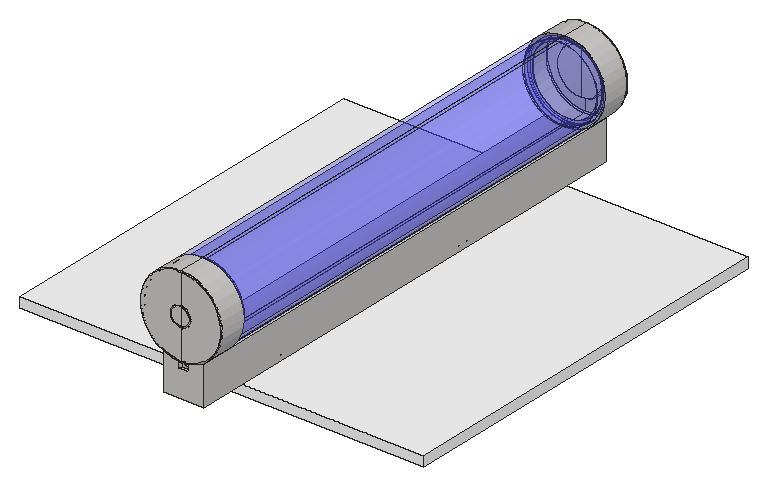
Revit family "BE_50067.2_de_DE", category Leuchten, Revit 2015
Parameters (values of type "BEGA_50067.2_K4")
  built-in parameter 1150104 = 13.22 (stored number, unit not read)
  Wattage = 15.6 W
  Default Elevation = 0 mm
  built-in parameter 1150113 = 1 (stored number, unit not read)
  built-in parameter 1114218 = 1 (stored number, unit not read)
  Umgebungstemperatur = ""
  URL = "http://www.bega.de/produkt/50067.2"
  Typenkommentare = "© 2017 BEGA. Wir behalten uns das Recht vor, technische Änderungen ohne vorherige Ankündigung vorzunehmen."  # constant formula
  built-in parameter 1150134 = 12
  built-in parameter 1150109 = 1 (stored number, unit not read)
  Strom = ""
  built-in parameter 1150110 = 1 (stored number, unit not read)
  Spannung = 239.996 V
  Sonderanfertigung = no
  Seriennummer [instance] = "Hier können Sie die eindeutige Seriennummer für das Facility Management eintragen."
  Schutzklasse = "I"
  Schutzart = "IP 65"
  Scheinlast = 0 VA
  Produktdatenblatt = "http://www.bega.de/download/Xrfa/db/50067.2.db.de.pdf"
  Oberflächentemperatur = ""
  Neigungswinkel = 0.00°
  Modell = "50067.2K4"
  Material_17 = BEGA_Reflektor
  Material_15 = BEGA_Leuchtmedium_matt
  Material_11 = BEGA_Glas_opal
  Material_09 = BEGA_Glas_klar
  Material_06 = BEGA_Oberfläche_Edelstahl_gebürstet
  Material_05 = BEGA_Oberfläche_Aluminium Guss
  Material_03 = BEGA_Oberfläche_Weiss_matt
  Material_02 = BEGA_Oberfläche_Silber_matt
  Material_01 [instance] = BEGA_Oberfläche_Grafit_matt
  M_W = no
  M_G = no
  M_A = no
  Logo = 0
  built-in parameter 1114217 = 1 (stored number, unit not read)
  built-in parameter 1150139 = (empty or 0)
  built-in parameter 1150105 = 176.65 (stored number, unit not read)
  built-in parameter 1150114 = 1 (stored number, unit not read)
  Lumens = 2219.88 lm
  built-in parameter 1150115 = 1 (stored number, unit not read)
  Leuchtenlichtstrom = "1337 lm"
  Leuchtenanzahl = ""
  Lebensdauerkriterien = "L70B50 @ 25 °C = 167000 h"
  Lastklassifizierung = Beleuchtung
  built-in parameter 1150112 = 1 (stored number, unit not read)
  Lampenlichtstrom = "2220 lm"
  Lampe = "LED 15.6 W"
  LED_Modulbezeichnung = "4x LED-0626/940 "
  Hersteller = "BEGA"  # constant formula
  Halbstreuwinkel = ""
  Gewicht = "2.6 kg"
  Gebrauchslageneinschränkung [instance] = ""
  Frequenz = "0/50-60 Hz"
  Farbwiedergabeindex = "Ra > 90"
  Farbtemperaturverschiebung bei Dämpfen der Lampe = <Keine Auswahl>
  Farbtemperatur = "4000 K"
  Color Filter = 16777215
  built-in parameter 1150133 = 10 (stored number, unit not read)
  Energieeffizienzklasse = "LED A++ - A"
  built-in parameter 1150137 = (empty or 0)
  built-in parameter 1150132 = (empty or 0)
  ENEC = "ja"
  Dimmbar [instance] = "DALI"
  Datei für fotometrisches Netz = "BE_50067K4.IES"
  CE_Konformität = "ja"
  Bestellnummer = "50067.2K4"
  Beschreibung_Sonderanfertigung = "Hier können Sie Informationen zur Sonderanfertigung eintragen."
  Beschreibung = "Wandleuchte"
  built-in parameter 1150106 = 1.7665 (stored number, unit not read)
  Befestigungsbohrung = "Ø 6 mm"
  Befestigungsabstand = "230 mm"
  Ballwurfsicher = ""
  BEGA_Intern_aus = yes
  BEGA_Intern_an = yes
  BEGA_Intern_Konstruktion = yes
  BEGA_Intern = yes
  BEGA_IES = yes
  BEGA_Dummy = no
  Anschlussleitung = ""
  Anschlussleistung [instance] = "19.5 W"
  Anschlusskasten = ""
  built-in parameter 1150107 = 4000 (stored number, unit not read)
  built-in parameter 1150102 = (empty or 0)
  built-in parameter 1150138 = (empty or 0)
  Aktualisierung = "2017-09-29T04:10:01"
  Abstand_zur_angestrahlten_Fläche [instance] = ""
  AC/DC = "AC/DC"
Types (2, lengths in mm): name | built-in parameter 1150104 | built-in parameter 1150134 | Modell | built-in parameter 1150105 | Lumens | Leuchtenlichtstrom | Lampenlichtstrom | LED_Modulbezeichnung | Farbtemperatur | Datei für fotometrisches Netz | Bestellnummer | built-in parameter 1150106 | built-in parameter 1150107
  BEGA_50067.2_K3 | 12.867 (stored number, unit not read) | (empty or 0) | "50067.2" | 171.94 (stored number, unit not read) | 2160.6 lm | "1301 lm" | "2160 lm" | "4x LED-0626/930 " | "3000 K" | "BE_50067.IES" | "50067.2" | 1.7194 (stored number, unit not read) | 3000 (stored number, unit not read)
  BEGA_50067.2_K4 | 13.22 (stored number, unit not read) | 12 | "50067.2K4" | 176.65 (stored number, unit not read) | 2219.88 lm | "1337 lm" | "2220 lm" | "4x LED-0626/940 " | "4000 K" | "BE_50067K4.IES" | "50067.2K4" | 1.7665 (stored number, unit not read) | 4000 (stored number, unit not read)
Reference planes
  plane 1 "Mitte (Vorne/Hinten)": y = 0
  plane 2: z = 0
  plane 3 "Mitte (Links/Rechts)": x = 0
  plane 4 "Links": x = -40.25
  plane 5 "Rechts": x = 40.25
  plane 6 "Unten": y = -251.008
  plane 7 "Oben": y = 251.008
  plane 8 "Vorne": z = 115.51
  plane 9 "Hinten": z = 0
Forms (mm)
  Extrusion 1, solid, material "BEGA_Platte_Weiss"
    sketch origin (0, -1119.2, 0) x (1, 0, 0) y (0, 1, 0)
      loop
        line (-200, 1319.2) -> (-200, 919.2) -> (200, 919.2) -> (200, 1319.2) -> (-200, 1319.2)
    from 0 to -10
  Extrusion 2, solid, material "BEGA_Dummy_matt", visible <- "BEGA_Dummy"
    sketch origin (80.095, -76.023, 0) x (1, 0, 0) y (0, 1, 0)
      loop
        line (-120.345, 327.031) -> (-120.345, -174.985) -> (-39.845, -174.985) -> (-39.845, 327.031) -> (-120.345, 327.031)
    from 0 to 115.51
Dimensions and locks
  plane 1 "Mitte (Vorne/Hinten)" to Extrusion 1 = 200 mm
  aligned and locked: plane 2 to Extrusion 1
  aligned and locked: level to Extrusion 1
Nested families
  nested 1: "BE_50067.2" at (0, 0, 0) x (0, 1, 0) z (0, 0, 1), type "BE_50067.2"
Connectors
  electrical at (0, 0, 0), driven by "Lastklassifizierung", driven by "Spannung", driven by "Scheinlast"
    settings: index 1, voltage 239.996 V, apparent load 0 VA, apparent load phase1 0 VA, apparent load phase2 0 VA, apparent load phase3 0 VA, power factor 1, load classification "Beleuchtung", number of poles 1, system type 31, power factor state 1, is connector primary yes, connector utility no, sub classification motor no, connector description ""
Definition of nested family "BE_50067.2"
  Parameters (values of type "BE_50067.2")
    Default Elevation = 1 mm
    URL = "http://www.bega.de/de/produkt"
    Type Comments = "© 2015 BEGA. Wir behalten uns das Recht vor, technische Änderungen ohne vorherige Ankündigung vorzunehmen. "  # constant formula
    Type Image = (empty or 0)
    Neigungswinkel_um_Z2 = 0.00°
    Neigungswinkel_um_Z1 = 0.00°
    Neigungswinkel_um_Y2 = 0.00°
    Neigungswinkel_um_Y1 = 0.00°
    Neigungswinkel_um_X2 = 0.00°
    Neigungswinkel_um_X1 = 0.00°
    Material_17 = none
    Material_15 = none
    Material_11 = none
    Material_09 = none
    Material_06 = none
    Material_05 = none
    Material_03 = none
    Material_02 = none
    Material_01 = none
    M_W = yes
    M_G = yes
    M_A = yes
    Länge_Platte = 700 mm  # constant formula
    Höhe_Platte = -10 mm  # constant formula
    Manufacturer = "BEGA"  # constant formula
    Drehwinkel_um_Z2 = 0.00°
    Drehwinkel_um_Z1 = 0.00°
    Breite_Platte = 200 mm  # constant formula
  Reference planes
    plane 1 "Mitte (Oben/Unten)": y = 0
    plane 2: z = 0
    plane 3 "Mitte (Links/Rechts)": x = 0
    plane 4: x = -251.008
    plane 5: z = 115.51
    plane 6: x = 251.008
    plane 7: y = 40.25
    plane 8: y = -40.25
  Forms (mm)
    Extrusion 1, solid, detail levels medium
      sketch origin (0, 0, 0) x (1, 0, 0) y (0, 1, 0)
        loop
          line (-350, 100) -> (-350, -100) -> (350, -100) -> (350, 100) -> (-350, 100)
      from 0 to -10 <- "Höhe_Platte"
    Extrusion 2, solid, material <- "Material_06", detail levels medium+fine
      sketch origin (0, 0, 0) x (0, 1, 0) y (0, 0, 1)
        loop
          arc (18.186, 39.353) -> (0, 35.01) -> (-18.186, 39.353) r 40.25
          line (-18.186, 39.353) -> (-20, 37.539) -> (-20, 0) -> (-17.5, 0) -> (-17.5, 32) -> (17.5, 32) -> (17.5, 0) -> (20, 0) -> (20, 37.539) -> (18.186, 39.353)
      from -244.718 to 246.67
    Extrusion 3, solid, material <- "Material_06", detail levels medium+fine
      sketch origin (0, 0, 0) x (0, 1, 0) y (0, 0, 1)
        loop
          arc (18.186, 39.353) -> (0, 35.01) -> (-18.186, 39.353) r 40.25
          line (-18.186, 39.353) -> (-20, 37.539) -> (-20, 0) -> (20, 0) -> (20, 37.539) -> (18.186, 39.353)
      from 246.008 to 249.008
    Extrusion 4, solid, material <- "Material_06", detail levels medium+fine
      sketch origin (-493, 0, 0) x (0, 1, 0) y (0, 0, 1)
        loop
          arc (18.186, 39.353) -> (0, 35.01) -> (-18.186, 39.353) r 40.25
          line (-18.186, 39.353) -> (-20, 37.539) -> (-20, 0) -> (20, 0) -> (20, 37.539) -> (18.186, 39.353)
      from 246.008 to 249.008
    Extrusion 5, solid, material <- "Material_06", detail levels medium+fine
      sketch origin (0, 0, 0) x (0, 1, 0) y (0, 0, 1)
        loop
          arc (14.5, 4) -> (14.207, 3.293) -> (13.5, 3) r 1
          line (13.5, 3) -> (-13.5, 3)
          arc (-13.5, 3) -> (-14.207, 3.293) -> (-14.5, 4) r 1
          line (-14.5, 4) -> (-14.5, 32) -> (-17.5, 32) -> (-17.5, 4)
          arc (-17.5, 4) -> (-16.328, 1.172) -> (-13.5, 0) r 4
          line (-13.5, 0) -> (13.5, 0)
          arc (13.5, 0) -> (16.328, 1.172) -> (17.5, 4) r 4
          line (17.5, 4) -> (17.5, 32) -> (14.5, 32) -> (14.5, 4)
      from 51.008 to 85.008
    Extrusion 6, solid, material <- "Material_06", detail levels medium+fine
      sketch origin (-230, 0, 0) x (0, 1, 0) y (0, 0, 1)
        loop
          arc (14.5, 4) -> (14.207, 3.293) -> (13.5, 3) r 1
          line (13.5, 3) -> (-13.5, 3)
          arc (-13.5, 3) -> (-14.207, 3.293) -> (-14.5, 4) r 1
          line (-14.5, 4) -> (-14.5, 32) -> (-17.5, 32) -> (-17.5, 4)
          arc (-17.5, 4) -> (-16.328, 1.172) -> (-13.5, 0) r 4
          line (-13.5, 0) -> (13.5, 0)
          arc (13.5, 0) -> (16.328, 1.172) -> (17.5, 4) r 4
          line (17.5, 4) -> (17.5, 32) -> (14.5, 32) -> (14.5, 4)
      from 51.008 to 85.008
    Extrusion 7, void
      sketch origin (0, 0, 0) x (1, 0, 0) y (0, 1, 0)
        loop
          arc (-163.382, 3) -> (-173.492, 0) -> (-163.382, -3) r 5.5
          line (-163.382, -3) -> (-153.992, -3)
          arc (-153.992, -3) -> (-150.992, 0) -> (-153.992, 3) r 3
          line (-153.992, 3) -> (-163.382, 3)
        loop
          arc (66.618, 3) -> (56.508, 0) -> (66.618, -3) r 5.5
          line (66.618, -3) -> (76.008, -3)
          arc (76.008, -3) -> (79.008, 0) -> (76.008, 3) r 3
          line (76.008, 3) -> (66.618, 3)
      from 0 to 9
    Revolve 8, void
      sketch origin (0, 0, 0) x (1, 0, 0) y (0, 0, 1)
        loop
          line (237.98, 30.562) -> (244.412, 30.562) -> (244.412, 37.872) -> (237.98, 37.872) -> (237.98, 30.562)
        axis (237.98, 30.562) -> (237.98, 37.872)
      angle from 0 to 360
    Revolve 9, solid, material <- "Material_06", detail levels medium+fine
      sketch origin (0, 0, 0) x (1, 0, 0) y (0, 0, 1)
        loop
          line (-251.008, 115.01) -> (-251.008, 75.26) -> (-243.008, 75.26) -> (-243.008, 97.652) -> (-248.508, 99.126) -> (-248.508, 112.583)
          arc (-248.508, 112.583) -> (-247.832, 113.082) -> (-247.01, 113.26) r 2
          line (-247.01, 113.26) -> (-225.142, 113.22) -> (-223.778, 115.51) -> (-250.508, 115.51)
          arc (-250.508, 115.51) -> (-250.862, 115.364) -> (-251.008, 115.01) r 0.5
        axis (-251.008, 75.26) -> (-223.778, 75.26)
      angle from 0 to 360
    Revolve 10, solid, material <- "Material_06", detail levels medium+fine
      sketch origin (0, 0, 0) x (-1, 0, 0) y (0, 0, 1)
        loop
          line (-251.008, 115.01) -> (-251.008, 75.26) -> (-243.008, 75.26) -> (-243.008, 97.652) -> (-248.508, 99.126) -> (-248.508, 112.583)
          arc (-248.508, 112.583) -> (-247.832, 113.082) -> (-247.01, 113.26) r 2
          line (-247.01, 113.26) -> (-225.142, 113.22) -> (-223.778, 115.51) -> (-250.508, 115.51)
          arc (-250.508, 115.51) -> (-250.862, 115.364) -> (-251.008, 115.01) r 0.5
        axis (-251.008, 75.26) -> (-223.778, 75.26)
      angle from 0 to 360
    Revolve 11, solid, material <- "Material_11", detail levels medium+fine
      sketch origin (0, 0, 0) x (1, 0, 0) y (0, 0, 1)
        loop
          line (223.927, 115.26) -> (-223.927, 115.26) -> (-225.267, 113.01) -> (-228.042, 113.01) -> (-228.042, 110.01) -> (-226.991, 109.749)
          arc (-226.991, 109.749) -> (-222.671, 108.644) -> (-219.339, 111.608) r 4.75
          arc (-219.339, 111.608) -> (-218.973, 112.081) -> (-218.402, 112.26) r 1
          line (-218.402, 112.26) -> (218.4, 112.26)
          arc (218.4, 112.26) -> (218.971, 112.081) -> (219.339, 111.608) r 1
          arc (219.339, 111.608) -> (222.671, 108.644) -> (226.991, 109.749) r 4.75
          line (226.991, 109.749) -> (228.042, 110.01) -> (228.042, 113.01) -> (225.267, 113.01) -> (223.927, 115.26)
        axis (228.042, 75.26) -> (-228.042, 75.26)
      angle from 0 to 360
    Revolve 12, void
      sketch origin (0, 0, 0) x (1, 0, 0) y (0, 0, 1)
        loop
          line (-248.008, 85.26) -> (-251.823, 85.26) -> (-251.823, 75.26) -> (-248.008, 75.26) -> (-248.008, 85.26)
        axis (-248.008, 75.26) -> (-251.823, 75.26)
      angle from 0 to 360
    Revolve 13, solid, material <- "Material_06", detail levels fine
      sketch origin (0, 0, 0) x (1, 0, 0) y (0, 0, 1)
        loop
          line (-250.258, 85.01) -> (-251.258, 84.01) -> (-251.258, 75.26) -> (-248.258, 75.26) -> (-248.258, 85.01) -> (-250.258, 85.01)
        axis (-248.258, 75.26) -> (-251.258, 75.26)
      angle from 0 to 360
    Extrusion 14, void
      sketch origin (0, 0, 0) x (0, 1, 0) y (0, 0, 1)
        loop
          line (5, 32) -> (2.35, 32) -> (2.35, 36.757) -> (-2.35, 36.757) -> (-2.35, 32) -> (-5, 32) -> (-5, 25.9) -> (5, 25.9) -> (5, 32)
      from -248.508 to -233.667
    Revolve 15, solid, material <- "Material_06", detail levels fine
      sketch origin (0, 0, 0) x (1, 0, 0) y (0, 0, 1)
        loop
          line (-243.258, 32) -> (-243.258, 28.504) -> (-239.008, 28.504) -> (-239.008, 41.75) -> (-241.258, 41.75) -> (-241.258, 32) -> (-243.258, 32)
        axis (-239.008, 41.75) -> (-239.008, 28.504)
      angle from 0 to 360
  Cuts and joins
    Extrusion 7, Revolve 8, Extrusion 14 cuts Extrusion 2
    Extrusion 7, Revolve 8, Extrusion 14 cuts Extrusion 3
    Extrusion 7, Revolve 8, Extrusion 14 cuts Extrusion 4
    Extrusion 7, Revolve 8, Extrusion 14 cuts Extrusion 5
    Extrusion 7, Revolve 8, Extrusion 14 cuts Extrusion 6
    joined: Extrusion 2, Extrusion 3, Extrusion 4, Extrusion 5, Extrusion 6
    Revolve 12 cuts Revolve 9
    Revolve 12 cuts Revolve 10
    joined: Revolve 9, Revolve 10
  Dimensions and locks
    equal spacing: Extrusion 1 sketch curve, plane 3 "Mitte (Links/Rechts)", Extrusion 1 sketch curve
    equal spacing: Extrusion 1 sketch curve, plane 1 "Mitte (Oben/Unten)", Extrusion 1 sketch curve
    "Länge_Platte": Extrusion 1 sketch curve to Extrusion 1 sketch curve
    "Breite_Platte": Extrusion 1 sketch curve to Extrusion 1 sketch curve
    aligned and locked: Extrusion 1 to plane 2
    aligned and locked: level to Extrusion 1
  Automatic sketch dimensions
    Extrusion 2 sketch curve to level = 0 mm  (x2)
    Extrusion 2 sketch curve to plane 1 "Mitte (Oben/Unten)" = 0 mm
    plane 1 "Mitte (Oben/Unten)" to Extrusion 2 sketch curve = 17.5 mm
    Extrusion 2 sketch curve to Extrusion 2 sketch curve = 0.686 mm  (x2)
    Extrusion 2 sketch curve to Extrusion 2 sketch curve = 1.814 mm  (x3)
    Extrusion 2 sketch curve to plane 1 "Mitte (Oben/Unten)" = 17.5 mm
    Extrusion 2 sketch curve to Extrusion 2 sketch curve = 32 mm
    Extrusion 2 sketch curve to Extrusion 2 sketch curve = 5.539 mm  (x2)
    Extrusion 2 sketch curve to Extrusion 2 sketch curve = 35.907 mm
    Extrusion 3 sketch curve to level = 0 mm
    Extrusion 3 sketch curve to plane 1 "Mitte (Oben/Unten)" = 0 mm
    plane 1 "Mitte (Oben/Unten)" to Extrusion 3 sketch curve = 18.186 mm
    plane 1 "Mitte (Oben/Unten)" to Extrusion 3 sketch curve = 20 mm
    Extrusion 3 sketch curve to plane 1 "Mitte (Oben/Unten)" = 18.186 mm
    Extrusion 3 sketch curve to Extrusion 3 sketch curve = 1.814 mm  (x2)
    Extrusion 3 sketch curve to Extrusion 3 sketch curve = 37.539 mm  (x2)
    Extrusion 3 sketch curve to Extrusion 3 sketch curve = 35.907 mm
    Extrusion 4 sketch curve to level = 0 mm
    Extrusion 4 sketch curve to plane 1 "Mitte (Oben/Unten)" = 0 mm
    plane 1 "Mitte (Oben/Unten)" to Extrusion 4 sketch curve = 18.186 mm
    plane 1 "Mitte (Oben/Unten)" to Extrusion 4 sketch curve = 20 mm
    Extrusion 4 sketch curve to plane 1 "Mitte (Oben/Unten)" = 18.186 mm
    Extrusion 4 sketch curve to Extrusion 4 sketch curve = 1.814 mm  (x2)
    level to Extrusion 4 sketch curve = 37.539 mm  (x2)
    Extrusion 4 sketch curve to Extrusion 4 sketch curve = 35.907 mm
    Extrusion 5 sketch curve to Extrusion 5 sketch curve = 0 mm  (x6)
    Extrusion 5 sketch curve to level = 0 mm
    plane 1 "Mitte (Oben/Unten)" to Extrusion 5 sketch curve = 17.5 mm
    Extrusion 5 sketch curve to Extrusion 5 sketch curve = 3 mm
    Extrusion 5 sketch curve to Extrusion 5 sketch curve = 1 mm
    level to Extrusion 5 sketch curve = 4 mm
    Extrusion 5 sketch curve to plane 1 "Mitte (Oben/Unten)" = 13.5 mm
    Extrusion 5 sketch curve to Extrusion 5 sketch curve = 28 mm  (x2)
    Extrusion 6 sketch curve to Extrusion 6 sketch curve = 0 mm  (x6)
    Extrusion 6 sketch curve to level = 0 mm
    plane 1 "Mitte (Oben/Unten)" to Extrusion 6 sketch curve = 17.5 mm
    Extrusion 6 sketch curve to Extrusion 6 sketch curve = 3 mm
    Extrusion 6 sketch curve to Extrusion 6 sketch curve = 1 mm
    level to Extrusion 6 sketch curve = 4 mm
    Extrusion 6 sketch curve to plane 1 "Mitte (Oben/Unten)" = 13.5 mm
    Extrusion 6 sketch curve to Extrusion 6 sketch curve = 28 mm  (x2)
    plane 1 "Mitte (Oben/Unten)" to Extrusion 7 sketch curve = 0 mm  (x4)
    Extrusion 7 sketch curve to plane 3 "Mitte (Links/Rechts)" = 167.992 mm
    Extrusion 7 sketch curve to Extrusion 7 sketch curve = 4.61 mm  (x2)
    plane 1 "Mitte (Oben/Unten)" to Extrusion 7 sketch curve = 3 mm
    Extrusion 7 sketch curve to Extrusion 7 sketch curve = 9.39 mm  (x2)
    plane 3 "Mitte (Links/Rechts)" to Extrusion 7 sketch curve = 62.008 mm
    Extrusion 7 sketch curve to plane 1 "Mitte (Oben/Unten)" = 3 mm
    level to Revolve 8 sketch curve = 30.562 mm
    plane 3 "Mitte (Links/Rechts)" to Revolve 8 sketch curve = 237.98 mm
    Revolve 8 sketch curve to Revolve 8 sketch curve = 6.431 mm
    Revolve 8 sketch curve to Revolve 8 sketch curve = 7.31 mm
    Revolve 8 sketch curve to Revolve 8 sketch curve = 0 mm  (x3)
    level to Revolve 9 sketch curve = 115.01 mm
    Revolve 9 sketch curve to plane 3 "Mitte (Links/Rechts)" = 251.008 mm
    Revolve 9 sketch curve to Revolve 9 sketch curve = 0.5 mm
    level to Revolve 9 sketch curve = 99.126 mm
    Revolve 9 sketch curve to Revolve 9 sketch curve = 2 mm  (x2)
    level to Revolve 9 sketch curve = 113.26 mm
    Revolve 9 sketch curve to Revolve 9 sketch curve = 1.498 mm
    Revolve 9 sketch curve to Revolve 9 sketch curve = 1.5 mm
    Revolve 9 sketch curve to Revolve 9 sketch curve = 8 mm
    Revolve 9 sketch curve to Revolve 9 sketch curve = 21.869 mm
    Revolve 9 sketch curve to Revolve 9 sketch curve = 1.364 mm
    Revolve 9 sketch curve to Revolve 9 sketch curve = 1.474 mm
    Revolve 9 sketch curve to Revolve 9 sketch curve = 22.392 mm
    Revolve 9 sketch curve to Revolve 9 sketch curve = 2.29 mm
    Revolve 9 sketch curve to Revolve 9 sketch curve = 0 mm  (x3)
    Revolve 10 sketch curve to level = 115.01 mm
    Revolve 10 sketch curve to plane 3 "Mitte (Links/Rechts)" = 251.008 mm
    Revolve 10 sketch curve to Revolve 10 sketch curve = 0.5 mm
    Revolve 10 sketch curve to level = 99.126 mm
    Revolve 10 sketch curve to Revolve 10 sketch curve = 2 mm  (x2)
    Revolve 10 sketch curve to level = 113.26 mm
    Revolve 10 sketch curve to Revolve 10 sketch curve = 1.498 mm
    Revolve 10 sketch curve to Revolve 10 sketch curve = 1.5 mm
    Revolve 10 sketch curve to Revolve 10 sketch curve = 8 mm
    Revolve 10 sketch curve to Revolve 10 sketch curve = 21.869 mm
    Revolve 10 sketch curve to Revolve 10 sketch curve = 1.364 mm
    Revolve 10 sketch curve to Revolve 10 sketch curve = 1.474 mm
    Revolve 10 sketch curve to Revolve 10 sketch curve = 22.392 mm
    Revolve 10 sketch curve to Revolve 10 sketch curve = 2.29 mm
    Revolve 10 sketch curve to Revolve 10 sketch curve = 0 mm  (x3)
    level to Revolve 11 sketch curve = 113.01 mm
    Revolve 11 sketch curve to plane 3 "Mitte (Links/Rechts)" = 228.042 mm
    level to Revolve 11 sketch curve = 109.749 mm  (x2)
    Revolve 11 sketch curve to Revolve 11 sketch curve = 1.051 mm
    Revolve 11 sketch curve to Revolve 11 sketch curve = 2.775 mm  (x2)
    Revolve 11 sketch curve to Revolve 11 sketch curve = 1.34 mm
    Revolve 11 sketch curve to Revolve 11 sketch curve = 1.475 mm  (x2)
    Revolve 11 sketch curve to Revolve 11 sketch curve = 5.39 mm
    Revolve 11 sketch curve to Revolve 11 sketch curve = 0.001 mm  (x2)
    plane 3 "Mitte (Links/Rechts)" to Revolve 11 sketch curve = 218.4 mm
    Revolve 11 sketch curve to Revolve 11 sketch curve = 5.392 mm
    Revolve 11 sketch curve to Revolve 11 sketch curve = 1.725 mm
    Revolve 11 sketch curve to Revolve 11 sketch curve = 0.261 mm  (x2)
    Revolve 11 sketch curve to Revolve 11 sketch curve = 1.75 mm
    Revolve 11 sketch curve to Revolve 11 sketch curve = 1.511 mm
    Revolve 11 sketch curve to Revolve 11 sketch curve = 1 mm
    Revolve 11 sketch curve to Revolve 11 sketch curve = 3 mm
    Revolve 11 sketch curve to Revolve 11 sketch curve = 0.25 mm  (x2)
    Revolve 11 sketch curve to Revolve 11 sketch curve = 2 mm
    Revolve 11 sketch curve to Revolve 11 sketch curve = 0.938 mm  (x2)
    Revolve 11 sketch curve to Revolve 11 sketch curve = 0 mm  (x2)
    Revolve 11 sketch curve to Revolve 11 sketch curve = 0.135 mm
    level to Revolve 12 sketch curve = 85.26 mm
    Revolve 12 sketch curve to plane 3 "Mitte (Links/Rechts)" = 251.823 mm
    Revolve 12 sketch curve to Revolve 12 sketch curve = 3.815 mm
    Revolve 12 sketch curve to Revolve 12 sketch curve = 10 mm
    Revolve 12 sketch curve to Revolve 12 sketch curve = 1.435 mm
    Revolve 12 sketch curve to Revolve 12 sketch curve = 0 mm  (x2)
    level to Revolve 13 sketch curve = 75.26 mm
    Revolve 13 sketch curve to plane 3 "Mitte (Links/Rechts)" = 251.258 mm
    Revolve 13 sketch curve to Revolve 13 sketch curve = 1 mm  (x2)
    Revolve 13 sketch curve to Revolve 13 sketch curve = 2 mm
    Revolve 13 sketch curve to Revolve 13 sketch curve = 8.75 mm
    Revolve 13 sketch curve to Revolve 13 sketch curve = 1.623 mm
    Revolve 13 sketch curve to Revolve 13 sketch curve = 0 mm  (x2)
    level to Revolve 15 sketch curve = 32 mm
    Revolve 15 sketch curve to plane 3 "Mitte (Links/Rechts)" = 243.258 mm
    Revolve 15 sketch curve to Revolve 15 sketch curve = 2 mm
    Revolve 15 sketch curve to Revolve 15 sketch curve = 2.25 mm
    Revolve 15 sketch curve to Revolve 15 sketch curve = 3.496 mm
    Revolve 15 sketch curve to Revolve 15 sketch curve = 9.75 mm
    Revolve 15 sketch curve to Revolve 15 sketch curve = 0 mm  (x3)
    plane 1 "Mitte (Oben/Unten)" to Extrusion 14 sketch curve = 5 mm
    plane 1 "Mitte (Oben/Unten)" to Extrusion 14 sketch curve = 2.35 mm
    Extrusion 14 sketch curve to plane 1 "Mitte (Oben/Unten)" = 2.35 mm
    Extrusion 14 sketch curve to Extrusion 14 sketch curve = 2.65 mm
    level to Extrusion 14 sketch curve = 25.9 mm
    Extrusion 14 sketch curve to Extrusion 14 sketch curve = 6.1 mm
    Extrusion 14 sketch curve to Extrusion 14 sketch curve = 0 mm
    Extrusion 14 sketch curve to Extrusion 14 sketch curve = 4.757 mm
